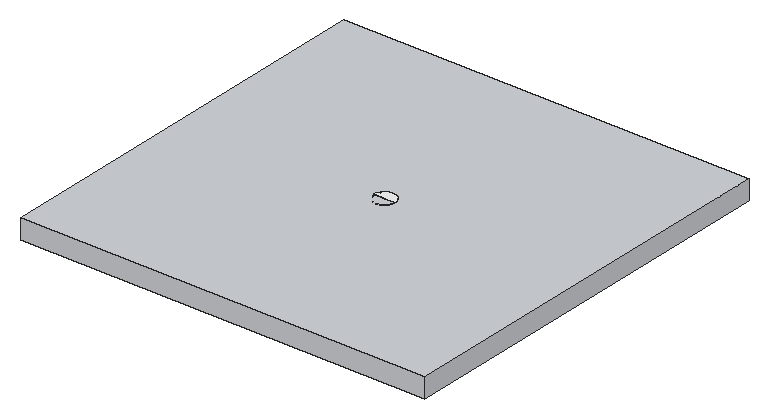
Revit family
Parameters (values of type "5"")
  WFU = 0
  URL = "WWW.MIFAB.COM"
  Strainer Diameter = 5.000"
  Strainer Adjustment [instance] = 2.560"
  Pipe Radius = Pipe Diameter / 2  # 2.500"
  Pipe Diameter = 5.000"
  Model = "F1100-C-DD"
  Manufacturer = "MIFAB"
  Floor Drain Material = Paint - Sherwin Williams Paint - #952C2A - Bellwood Red
  Description = "FLOOR DRAIN WITH ADJUSTABLE HUB INDIRECT WASTE STRAINER"
  Default Elevation = 0.000"
  Chilled Water Radius = 0.250"
  Chilled Water Diameter = Chilled Water Radius * 2  # 0.500"
  CWFU = 0
  Body Height = 3.375"
Types (6): name | Strainer Adjustment | Pipe Radius | Pipe Diameter | Body Height
  (no name) | 2.560" | 2.500" | 5.000" | 3.375"
  2" | 2.560" | 1.000" | 2.000" | 3.375"
  3" | 2.560" | 1.500" | 3.000" | 3.375"
  6" | 3.000" | 3.000" | 6.000" | 4.750"
  4" | 2.560" | 2.000" | 4.000" | 3.375"
  5" | 2.560" | 2.500" | 5.000" | 3.375"
Reference planes (in)
  plane 1 "Center (Front/Back)": y = 0
  plane 2: z = 0
  plane 3 "Center (Left/Right)": x = 0
  plane 4: z = -2.56
  plane 5: z = -5.935
  plane 6: x = -2.5
  plane 7: z = -4.09409
  plane 8: y = 2.5
  plane 9: y = -2.5
  plane 10: z = -1.28
  plane 11: z = -1.6
  plane 12: z = -1.92
  plane 13: z = -2.24
  plane 14: z = -2.76883
  plane 15: z = -2.35117
  plane 16: x = -2.5
  plane 17: x = 2.5
  plane 18: x = 3.56
  plane 19: z = -3.43146
  plane 20: x = 4
  plane 21: x = -4
Forms (in)
  Extrusion 1, solid
    sketch origin (0, 0, 0) x (1, 0, 0) y (0, 1, 0)
      loop
        line (-48, 48) -> (-48, -48) -> (48, -48) -> (48, 48) -> (-48, 48)
    from 0 to -4.65484
  Extrusion 2, solid, material "Paint - Sherwin Williams Paint - #952C2A - Bellwood Red" <- "Floor Drain Material"
    sketch origin (0, 0, 0) x (1, 0, 0) y (0, 1, 0)
      loop
        circle (0, 0) r 4
    from -2.76883 to -2.56
  Revolve 3, solid, material "Paint - Sherwin Williams Paint - #952C2A - Bellwood Red" <- "Floor Drain Material"
    sketch origin (0, 0, 0) x (1, 0, 0) y (0, 0, 1)
      loop
        line (-3.33333, -2.56) -> (-3.33333, -4.09409) -> (-2.62485, -4.65484) -> (-2.62485, -5.935) -> (-2.5, -5.935) -> (-2.5, -2.56) -> (-3.33333, -2.56)
      axis (0, -2.56) -> (0, -5.935)
    angle from 0 to 360
  Revolve 4, solid, material "Paint - Sherwin Williams Paint - #952C2A - Bellwood Red" <- "Floor Drain Material"
    sketch origin (0, 0, 4.75) x (1, 0, 0) y (0, 0, 1)
      loop
        line (-2.5, -4.75) -> (-2.5, -6.03) -> (-2.02393, -6.35) -> (-2.02393, -6.67) -> (-2.22504, -6.67) -> (-2.22504, -7.31) -> (-1.82693, -7.31) -> (-1.82693, -6.24505) -> (-2.303, -5.92505) -> (-2.303, -4.9) -> (0, -4.9) -> (0, -4.75) -> (-2.5, -4.75)
      axis (0, -4.75) -> (0, -7.31)
    angle from 0 to 360
  Extrusion 5, solid, material "Paint - Sherwin Williams Paint - #952C2A - Bellwood Red" <- "Floor Drain Material"
    sketch origin (0, 0, 0.20883) x (0, -1, 0) y (1, 0, 0)
      loop
        circle (0, 0) r 4
    from -2.76883 to -2.56
  Revolve 6, solid, material "Paint - Sherwin Williams Paint - #952C2A - Bellwood Red" <- "Floor Drain Material"
    sketch origin (-0.3125, 0, 0) x (1, 0, 0) y (0, 0, 1)
      loop
        line (-3.39323, -3.43146) -> (-2.5, -3.43146) -> (-2.5, -3.12122) -> (-3.15898, -3.12122) -> (-3.21922, -3.18146) -> (-3.39323, -3.18146) -> (-3.39323, -3.43146)
      axis (-2.5, -3.43146) -> (-3.39323, -3.43146)
    angle from 0 to 360
Cuts and joins
  joined: Extrusion 2, Revolve 3, Revolve 6
  joined: Revolve 4, Extrusion 5
Lines and regions (in)
  symbolic lines
    curve 1: circle (0, 0, 0) r 2.5 normal (0, 0, 1)
Dimensions and locks (in)
  "Strainer Adjustment": Extrusion 1 to plane 4
  "Body Height": plane 5 to plane 4
  locked: plane 4 to Extrusion 2 at 0.20883
  "Pipe Radius": plane 3 "Center (Left/Right)" to plane 6
  locked: Revolve 3 sketch curve to plane 6 at 0.12485
  Revolve 3 sketch curve to plane 3 "Center (Left/Right)" = 3.33333"
  equal spacing: plane 8, plane 1 "Center (Front/Back)", plane 9
  equal spacing: level, plane 10, plane 4
  equal spacing: plane 10, plane 11, plane 12, plane 13, plane 4
  plane 15 to plane 4 to plane 14 = 0.20883" locked, 0.20883" locked
  equal spacing: plane 16, plane 3 "Center (Left/Right)", plane 17
  "Strainer Diameter": plane 16 to plane 17
  plane 16 to Revolve 4 sketch curve to Revolve 4 sketch curve = 0.27496" locked, 0.20112" locked
  locked: plane 3 "Center (Left/Right)" to plane 18 at 3.56
  equal spacing: plane 14, plane 19, plane 7
  Revolve 6 sketch curve to Revolve 6 sketch curve to plane 19 = 0.06024" locked, 0.250" locked
  plane 3 "Center (Left/Right)" to Revolve 6 sketch curve to Revolve 6 sketch curve to Revolve 6 sketch curve = 2.8125" locked, 0.65898" locked, 0.23425" locked
  plane 20 to plane 18 = 0.440"
  equal spacing: plane 20, plane 3 "Center (Left/Right)", plane 21
  plane 20 to plane 21 = 8.000"
  locked: plane 16 to Revolve 4 sketch curve at 0.197
  locked: Revolve 4 sketch curve to Revolve 4 sketch curve at 0.197  (x2)
  cut or joined group of Revolve 4, Extrusion 5 to cut or joined group of Revolve 4, Extrusion 5 = 4.606"
  Extrusion 1 to Revolve 4 sketch curve = 0.150"
  locked: plane 7 to plane 5 at 1.84091
  radius of Extrusion 2 sketch curve = 4.000"
  radius of Extrusion 5 sketch curve = 4.000"
  aligned and locked: plane 2 to Extrusion 1
  aligned and locked: level to Extrusion 1
  aligned and locked: Extrusion 2 to plane 4
  aligned and locked: plane 6 to Revolve 3 sketch curve
  aligned and locked: plane 4 to Revolve 3 sketch curve
  aligned and locked: Extrusion 1 to Revolve 4 sketch curve
  aligned and locked: plane 11 to Revolve 4 sketch curve
  aligned and locked: Extrusion 5 to plane 4
  aligned and locked: plane 14 to cut or joined group of Extrusion 2, Revolve 3, Revolve 6
  aligned and locked: Extrusion 5 to plane 15
  aligned and locked: cut or joined group of Extrusion 2, Revolve 3, Revolve 6 to plane 14
  aligned and locked: plane 10 to Revolve 4 sketch curve
  aligned and locked: plane 16 to Revolve 4 sketch curve
  aligned and locked: Revolve 4 sketch curve to plane 3 "Center (Left/Right)"
  aligned and locked: nested 1 to plane 18
  aligned and locked: plane 15 to nested 3
  aligned and locked: plane 15 to nested 2
  aligned and locked: plane 15 to nested 1
  aligned and locked: plane 19 to Revolve 6 sketch curve  (x2)
  aligned and locked: plane 12 to Revolve 4 sketch curve
  aligned and locked: plane 3 "Center (Left/Right)" to Revolve 4 sketch curve
Automatic sketch dimensions
  Extrusion 1 sketch curve to Extrusion 1 sketch curve = 96.000"  (x2)
  plane 1 "Center (Front/Back)" to Extrusion 2 sketch curve = 0.000"
  Extrusion 2 sketch curve to plane 3 "Center (Left/Right)" = 0.000"
  Revolve 3 sketch curve to plane 3 "Center (Left/Right)" = 0.000"
  Revolve 3 sketch curve to plane 5 = 0.000"
  Revolve 3 sketch curve to plane 7 = 0.000"
  Revolve 3 sketch curve to plane 5 = 1.01058"
  Revolve 3 sketch curve to plane 7 = 0.56075"
  Revolve 3 sketch curve to level = 0.37891"
  plane 1 "Center (Front/Back)" to Extrusion 5 sketch curve = 0.000"
  Extrusion 5 sketch curve to plane 3 "Center (Left/Right)" = 0.000"
  Revolve 6 sketch curve to Revolve 6 sketch curve = 0.06024"
  Revolve 6 sketch curve to Revolve 6 sketch curve = 0.750"
  Revolve 6 sketch curve to Revolve 6 sketch curve = 4.000"
  Revolve 4 sketch curve to plane 4 = 0.000"
  Revolve 4 sketch curve to plane 19 = 0.45162"
  level to Revolve 4 sketch curve = 4.37109"
  plane 1 "Center (Front/Back)" to curve 1 = 0.000"
  curve 1 to plane 3 "Center (Left/Right)" = 0.000"
  radius of curve 1 = 2.500"
Nested families (in)
  nested 1: "Family1" at (3.56, 0, -2.35117), type "Family1"
  nested 2: "Family1" at (-1.78, 3.08305, -2.35117) x (-0.5, 0.866, 0) z (0, 0, 1), type "Family1"
  nested 3: "Family1" at (-1.78, -3.08305, -2.35117) x (-0.5, -0.866, 0) z (0, 0, 1), type "Family1"
Connectors (in)
  piping at (0, 0, -5.935), driven by "Pipe Radius", driven by "WFU"
    settings: on cut or joined group of Extrusion 2, Revolve 3, Revolve 6, index 1, connector radius 2 1/2", flow factor 0, pipe flow 0 GPM, pressure drop 0.00 psi, fitting loss kfactor 0, connector angle 0.00°, fixture units 0, flow configuration 3, flow direction 2, fitting loss method 0, system type 16, connector reference index -1, connector utility 0, adjustable connector no, is connector primary yes, fitting loss table "", connector description "Sanitary Out"
  piping at (-3.70573, 0, -3.43146), driven by "CWFU", driven by "Chilled Water Radius"
    settings: on Revolve 6, index 2, connector radius 1/4", flow factor 0, pipe flow 0 GPM, pressure drop 0.00 psi, fitting loss kfactor 0, connector angle 0.00°, fixture units 0, flow configuration 3, flow direction 1, fitting loss method 0, system type 20, connector reference index -1, connector utility 0, adjustable connector no, is connector primary no, fitting loss table "", connector description "Domestic Cold Water In"
Definition of nested family "Family1"
  Parameters (values of type "Family1")
    Material = none
    Assembly Code = ""
  Reference planes (in)
    plane 1 "Center (Front/Back)": y = 0
    plane 2: z = 0
    plane 3 "Center (Left/Right)": x = 0
    plane 4: z = 0.28161
    plane 5: z = -0.25
  Forms (in)
    Extrusion 1, solid, material <- "Material"
      sketch origin (0, 0, 0) x (1, 0, 0) y (0, 1, 0)
        loop
          circle (0, 0) r 0.20046
      from -0.93167 to 0
    Extrusion 2, solid, material <- "Material"
      sketch origin (0, 0, 0) x (1, 0, 0) y (0, 1, 0)
        loop
          circle (0, 0) r 0.3
      from 0 to 0.28161
  Dimensions and locks (in)
    level to plane 5 = 0.250"
    aligned and locked: plane 2 to level
    aligned and locked: Extrusion 2 to level
    aligned and locked: level to Extrusion 1
    aligned and locked: plane 4 to Extrusion 2
